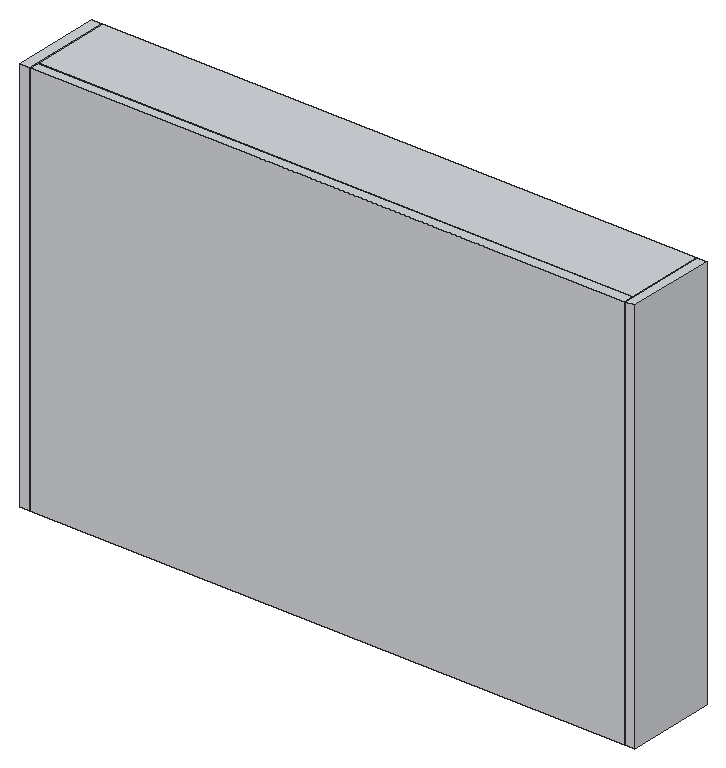
Revit family
Parameters
  profondità = 450 mm
  metà larghezza = larghezza / 2  # 1550 mm
  metà altezza = altezza / 2  # 1000 mm
  larghezza = 3100 mm
  altezza = 2000 mm
Reference planes
  plane 1 "Centro (Fronte/Retro)": y = 0
  plane 2: z = 0
  plane 3 "Centro (Sinistra/Destra)": x = 0
  plane 4: y = 1000
  plane 5: y = -1000
  plane 6: x = 1500
  plane 7: x = -1500
  plane 8: y = 500
  plane 9: y = -550
  plane 10: x = 0
  plane 11: y = 0
  plane 12: x = -750
  plane 13: x = 750
  plane 14: y = -950
  plane 15: z = 2000
  plane 16: z = 1000
  plane 17: z = 1500
  plane 18: z = 50
  plane 19: z = 510
  plane 20: z = 490
  plane 21: z = 1010
  plane 22: z = 990
  plane 23: z = 1510
  plane 24: z = 1490
  plane 25: z = 1950
  plane 26: x = -1550
  plane 27: x = 1550
  plane 28: x = 20
  plane 29: x = -20
Forms (mm)
  Extrusion 1, solid
    sketch origin (0, 0, 0) x (1, 0, 0) y (0, 1, 0)
      loop
        line (-1500, -950) -> (-1500, -1000) -> (1500, -1000) -> (1500, -950) -> (-1500, -950)
    from 0 to 2000
  Extrusion 2, solid
    sketch origin (0, 0, 0) x (0, 1, 0) y (0, 0, 1)
      loop
        line (-550, 50) -> (-950, 50) -> (-950, 0) -> (-550, 0) -> (-550, 50)
    from -1500 to 1500
  Extrusion 3, solid
    sketch origin (0, 0, 0) x (1, 0, 0) y (0, 0, 1)
      loop
        line (-1500, 510) -> (-1500, 490) -> (1500, 490) -> (1500, 510) -> (-1500, 510)
    from 550 to 950
  Extrusion 4, solid
    sketch origin (0, 0, 0) x (1, 0, 0) y (0, 0, 1)
      loop
        line (-1500, 1010) -> (-1500, 990) -> (1500, 990) -> (1500, 1010) -> (-1500, 1010)
    from 550 to 950
  Extrusion 5, solid
    sketch origin (0, 0, 0) x (1, 0, 0) y (0, 0, 1)
      loop
        line (-1500, 1510) -> (-1500, 1490) -> (1500, 1490) -> (1500, 1510) -> (-1500, 1510)
    from 550 to 950
  Extrusion 6, solid
    sketch origin (0, 0, 0) x (1, 0, 0) y (0, 0, 1)
      loop
        line (-1500, 2000) -> (-1500, 1950) -> (1500, 1950) -> (1500, 2000) -> (-1500, 2000)
    from 550 to 950
  Extrusion 7, solid
    sketch origin (0, 0, 0) x (1, 0, 0) y (0, 0, 1)
      loop
        line (1550, 2000) -> (1500, 2000) -> (1500, 0) -> (1550, 0) -> (1550, 2000)
    from 550 to 1000
  Extrusion 8, solid
    sketch origin (0, 0, 0) x (1, 0, 0) y (0, 0, 1)
      loop
        line (-1500, 2000) -> (-1550, 2000) -> (-1550, 0) -> (-1500, 0) -> (-1500, 2000)
    from 550 to 1000
  Extrusion 9, solid
    sketch origin (0, 0, 0) x (1, 0, 0) y (0, 0, 1)
      loop
        line (20, 1950) -> (-20, 1950) -> (-20, 50) -> (20, 50) -> (20, 1950)
    from 550 to 950
Dimensions and locks
  "altezza": plane 15 to level
  "metà altezza": plane 16 to level
  plane 15 to level = 2000 mm
  "larghezza": plane 27 to plane 26
  "metà larghezza": plane 27 to plane 3 "Centro (Sinistra/Destra)"
  "profondità": plane 9 to plane 5
  aligned and locked: plane 7 to Extrusion 1 sketch curve
  aligned and locked: Extrusion 1 sketch curve to plane 14
  aligned and locked: Extrusion 1 sketch curve to plane 6
  aligned and locked: plane 5 to Extrusion 1 sketch curve
  aligned and locked: Extrusion 2 sketch curve to plane 9
  aligned and locked: Extrusion 2 sketch curve to plane 18
  aligned and locked: plane 14 to Extrusion 2 sketch curve
  aligned and locked: level to Extrusion 2 sketch curve
  aligned and locked: plane 7 to Extrusion 3 sketch curve
  aligned and locked: Extrusion 3 sketch curve to plane 19
  aligned and locked: Extrusion 3 sketch curve to plane 6
  aligned and locked: plane 7 to Extrusion 4 sketch curve
  aligned and locked: Extrusion 4 sketch curve to plane 6
  aligned and locked: Extrusion 4 sketch curve to plane 21
  aligned and locked: plane 22 to Extrusion 4 sketch curve
  aligned and locked: plane 7 to Extrusion 5 sketch curve
  aligned and locked: Extrusion 5 sketch curve to plane 6
  aligned and locked: plane 24 to Extrusion 5 sketch curve
  aligned and locked: Extrusion 5 sketch curve to plane 23
  aligned and locked: plane 7 to Extrusion 6 sketch curve
  aligned and locked: Extrusion 6 sketch curve to plane 6
  aligned and locked: Extrusion 6 sketch curve to plane 15
  aligned and locked: plane 25 to Extrusion 6 sketch curve
  aligned and locked: Extrusion 7 sketch curve to plane 27
  aligned and locked: Extrusion 7 sketch curve to plane 15
  aligned and locked: plane 2 to Extrusion 7 sketch curve
  aligned and locked: plane 6 to Extrusion 7 sketch curve
  aligned and locked: Extrusion 8 sketch curve to plane 15
  aligned and locked: plane 2 to Extrusion 8 sketch curve
  aligned and locked: plane 26 to Extrusion 8 sketch curve
  aligned and locked: Extrusion 8 sketch curve to plane 7
  aligned and locked: Extrusion 9 sketch curve to plane 25
  aligned and locked: plane 18 to Extrusion 9 sketch curve
  aligned and locked: plane 28 to Extrusion 9 sketch curve
  aligned and locked: Extrusion 9 sketch curve to plane 29
Automatic sketch dimensions
  Extrusion 3 sketch curve to plane 20 = 0 mm
